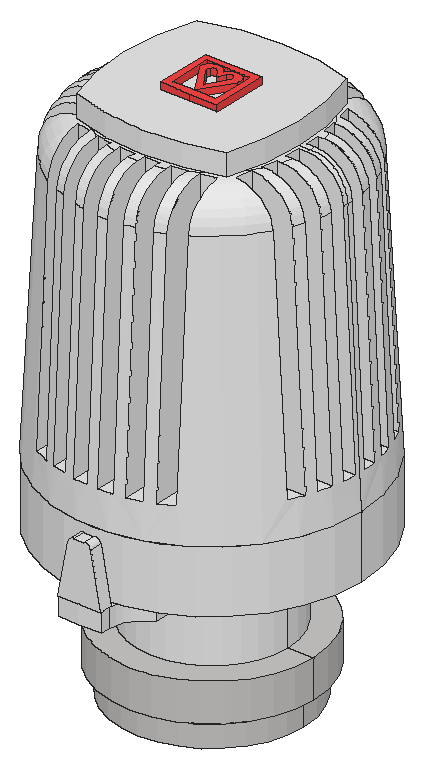
Revit family "HERZ-Thermostatkopf M28x1.5 7260", category Rohrzubehör, Revit 2020
Family settings
  Bemaßung runder Anschluss = Durchmesser verwenden
  Teiletyp = Normal
  OmniClass-Nummer = 23.65.55.14
  OmniClass-Titel = Valves for Liquid Services
  Arbeitsebenenbasiert = Nein
  Immer vertikal = Nein
  Beim Laden mit Abzugskörper schneiden = Nein
  Gemeinsam genutzt = Nein
Parameters
  automatische Frostsicherung = "bei ca. 6°C"  # constant formula
  W02 = 120.00°  # constant formula
  W01 = 135.00°  # constant formula
  Vorgabe-Ansicht = 0.000 mm
  URL = "www.herz-armaturen.at"
  Sollwerbereich = "6 - 28°C"  # constant formula
  S02 = 60.000 mm  # constant formula
  S01 = H02 + H07  # 79.500 mm
  R08 = 15.000 mm  # constant formula
  R07 = 6.000 mm  # constant formula
  R06 = 24.000 mm  # constant formula
  R05 = 16.350 mm  # constant formula
  R04 = 14.750 mm  # constant formula
  R03 = 13.200 mm  # constant formula
  R02 = 12.200 mm  # constant formula
  R01 = 22.400 mm  # constant formula
  Hersteller = "HERZ Armaturen Ges.m.b.H."  # constant formula
  Handrad = "Kunststoff, weiß"  # constant formula
  H09 = 3.500 mm  # constant formula
  H08 = 10.000 mm  # constant formula
  H07 = 59.000 mm  # constant formula
  H06 = 3.500 mm  # constant formula
  H05 = 10.500 mm  # constant formula
  H04 = 11.700 mm  # constant formula
  H03 = 4.500 mm  # constant formula
  H02 = 20.500 mm  # constant formula
  H01 = 45.800 mm  # constant formula
  Funktionsweise = "Der HERZ-Thermostat dient als Fühl- und Regelelement.\r\nDurch die Volumsänderung der Flüssigkeitsfüllung im HERZ-Hydrosensor wird die Schubspindel des Ventils bewegt."
  Bestellnummer = 1726006  # constant formula
  Ausführungen = "Heizkörperthermostat mit Flüssigkeitsfühler (Hydrosensor)\r\nmit automatischer Frostsicherung und Begrenzung ud Blockierung des Sollwertbereiches. Handradfarbe weiß."
  Anwendung = "Zur Montage auf allen HERZ-Ventilen, die für thermostatischen Betrieb eingerichtet sind."
Reference planes
  plane 1 "Mitte (Vorne/hinten)": y = 0
  plane 2: z = 0
  plane 3 "Mitte (Links/rechts)": x = 0
Forms (mm)
  Revolve 1, solid, material "Messing verzinkt", detail levels fine
    sketch origin (0, 0, 0) x (1, 0, 0) y (0, 0, 1)
      loop
        line (0, 4.5) -> (13.2, 4.5) -> (13.2, -3.563) -> (14.75, -3.563) -> (14.75, -0.063) -> (16.35, 0.861) -> (16.35, 6.937) -> (0, 6.937) -> (0, 4.5)
      axis (0, 6.937) -> (0, -3.563)
    angle from 0 to 360
  Revolve 2, solid, material "Kunststoff weiß", detail levels fine
    sketch origin (0, 0, 0) x (1, 0, 0) y (0, 0, 1)
      loop
        line (0, 20.5) -> (24, 20.5) -> (24, 30.5) -> (21.791, 73.806)
        arc (21.791, 73.806) -> (19.931, 77.849) -> (15.798, 79.5) r 6
        line (15.798, 79.5) -> (0, 79.5) -> (0, 20.5)
      axis (0, 79.5) -> (0, 20.5)
    angle from 0 to 360
  Extrusion 3, void
    sketch origin (0, 0, 0) x (1, 0, 0) y (0, 1, 0)
      loop
        line (24.458, 0.8) -> (24.458, 3.2) -> (14.361, 3.2)
        arc (14.361, 3.2) -> (14.446, 2.001) -> (14.491, 0.8) r 37
        line (14.491, 0.8) -> (24.458, 0.8)
      loop
        line (24.458, 4.8) -> (24.458, 7.2) -> (13.793, 7.2)
        arc (13.793, 7.2) -> (14.01, 6.003) -> (14.187, 4.8) r 37
        line (14.187, 4.8) -> (24.458, 4.8)
      loop
        line (24.458, 8.8) -> (24.458, 11.2) -> (12.764, 11.2)
        arc (12.764, 11.2) -> (13.121, 10.006) -> (13.438, 8.8) r 37
        line (13.438, 8.8) -> (24.458, 8.8)
      loop
        line (24.458, -0.8) -> (14.491, -0.8)
        arc (14.491, -0.8) -> (14.446, -2.001) -> (14.361, -3.2) r 37
        line (14.361, -3.2) -> (24.458, -3.2) -> (24.458, -0.8)
      loop
        line (24.458, -4.8) -> (14.187, -4.8)
        arc (14.187, -4.8) -> (14.01, -6.003) -> (13.793, -7.2) r 37
        line (13.793, -7.2) -> (24.458, -7.2) -> (24.458, -4.8)
      loop
        line (24.458, -8.8) -> (13.438, -8.8)
        arc (13.438, -8.8) -> (13.121, -10.006) -> (12.764, -11.2) r 37
        line (12.764, -11.2) -> (24.458, -11.2) -> (24.458, -8.8)
      loop
        line (-24.458, 0.8) -> (-14.491, 0.8)
        arc (-14.491, 0.8) -> (-14.446, 2.001) -> (-14.361, 3.2) r 37
        line (-14.361, 3.2) -> (-24.458, 3.2) -> (-24.458, 0.8)
      loop
        line (-24.458, 4.8) -> (-14.187, 4.8)
        arc (-14.187, 4.8) -> (-14.01, 6.003) -> (-13.793, 7.2) r 37
        line (-13.793, 7.2) -> (-24.458, 7.2) -> (-24.458, 4.8)
      loop
        line (-24.458, 8.8) -> (-13.438, 8.8)
        arc (-13.438, 8.8) -> (-13.121, 10.006) -> (-12.764, 11.2) r 37
        line (-12.764, 11.2) -> (-24.458, 11.2) -> (-24.458, 8.8)
      loop
        line (-24.458, -0.8) -> (-24.458, -3.2) -> (-14.361, -3.2)
        arc (-14.361, -3.2) -> (-14.446, -2.001) -> (-14.491, -0.8) r 37
        line (-14.491, -0.8) -> (-24.458, -0.8)
      loop
        line (-24.458, -4.8) -> (-24.458, -7.2) -> (-13.793, -7.2)
        arc (-13.793, -7.2) -> (-14.01, -6.003) -> (-14.187, -4.8) r 37
        line (-14.187, -4.8) -> (-24.458, -4.8)
      loop
        line (-24.458, -8.8) -> (-24.458, -11.2) -> (-12.764, -11.2)
        arc (-12.764, -11.2) -> (-13.121, -10.006) -> (-13.438, -8.8) r 37
        line (-13.438, -8.8) -> (-24.458, -8.8)
      loop
        line (0.8, 24.458) -> (0.8, 14.491)
        arc (0.8, 14.491) -> (2.001, 14.446) -> (3.2, 14.361) r 37
        line (3.2, 14.361) -> (3.2, 24.458) -> (0.8, 24.458)
      loop
        line (4.8, 24.458) -> (4.8, 14.187)
        arc (4.8, 14.187) -> (6.003, 14.01) -> (7.2, 13.793) r 37
        line (7.2, 13.793) -> (7.2, 24.458) -> (4.8, 24.458)
      loop
        line (8.8, 24.458) -> (8.8, 13.438)
        arc (8.8, 13.438) -> (10.006, 13.121) -> (11.2, 12.764) r 37
        line (11.2, 12.764) -> (11.2, 24.458) -> (8.8, 24.458)
      loop
        line (-0.8, 24.458) -> (-3.2, 24.458) -> (-3.2, 14.361)
        arc (-3.2, 14.361) -> (-2.001, 14.446) -> (-0.8, 14.491) r 37
        line (-0.8, 14.491) -> (-0.8, 24.458)
      loop
        line (-4.8, 24.458) -> (-7.2, 24.458) -> (-7.2, 13.793)
        arc (-7.2, 13.793) -> (-6.003, 14.01) -> (-4.8, 14.187) r 37
        line (-4.8, 14.187) -> (-4.8, 24.458)
      loop
        line (-8.8, 24.458) -> (-11.2, 24.458) -> (-11.2, 12.764)
        arc (-11.2, 12.764) -> (-10.006, 13.121) -> (-8.8, 13.438) r 37
        line (-8.8, 13.438) -> (-8.8, 24.458)
      loop
        line (0.8, -24.458) -> (3.2, -24.458) -> (3.2, -14.361)
        arc (3.2, -14.361) -> (2.001, -14.446) -> (0.8, -14.491) r 37
        line (0.8, -14.491) -> (0.8, -24.458)
      loop
        line (4.8, -24.458) -> (7.2, -24.458) -> (7.2, -13.793)
        arc (7.2, -13.793) -> (6.003, -14.01) -> (4.8, -14.187) r 37
        line (4.8, -14.187) -> (4.8, -24.458)
      loop
        line (8.8, -24.458) -> (11.2, -24.458) -> (11.2, -12.764)
        arc (11.2, -12.764) -> (10.006, -13.121) -> (8.8, -13.438) r 37
        line (8.8, -13.438) -> (8.8, -24.458)
      loop
        line (-0.8, -24.458) -> (-0.8, -14.491)
        arc (-0.8, -14.491) -> (-2.001, -14.446) -> (-3.2, -14.361) r 37
        line (-3.2, -14.361) -> (-3.2, -24.458) -> (-0.8, -24.458)
      loop
        line (-4.8, -24.458) -> (-4.8, -14.187)
        arc (-4.8, -14.187) -> (-6.003, -14.01) -> (-7.2, -13.793) r 37
        line (-7.2, -13.793) -> (-7.2, -24.458) -> (-4.8, -24.458)
      loop
        line (-8.8, -24.458) -> (-8.8, -13.438)
        arc (-8.8, -13.438) -> (-10.006, -13.121) -> (-11.2, -12.764) r 37
        line (-11.2, -12.764) -> (-11.2, -24.458) -> (-8.8, -24.458)
    from 36 to 81.5
  Extrusion 4, solid, material "Kunststoff weiß", detail levels fine
    sketch origin (0, 0, 0) x (1, 0, 0) y (0, 1, 0)
      loop
        arc (12, 12) -> (0, 14) -> (-12, 12) r 37
        arc (-12, 12) -> (-14, 0) -> (-12, -12) r 37
        arc (-12, -12) -> (0, -14) -> (12, -12) r 37
        arc (12, -12) -> (14, 0) -> (12, 12) r 37
    from 79.5 to 83
  Extrusion 5, solid, material "Kunststoff weiß", detail levels fine
    sketch origin (0.017, -0.017, 0) x (0, -1, 0) y (1, 0, 0)
      loop
        line (14.714, 6.983) -> (14.714, -7.017) -> (19.645, -7.017)
        arc (19.645, -7.017) -> (21.761, -4.508) -> (24.882, -3.488) r 6
        line (24.882, -3.488) -> (26.272, -3.488)
        arc (26.272, -3.488) -> (26.5, 0) -> (26.267, 3.488) r 26.5
        line (26.267, 3.488) -> (24.882, 3.488)
        arc (24.882, 3.488) -> (21.777, 4.497) -> (19.66, 6.983) r 6
        line (19.66, 6.983) -> (14.714, 6.983)
    from 17.5 to 20.5
  Extrusion 6, solid, material "Kunststoff weiß", detail levels fine
    sketch origin (0.017, -0.017, 3.5) x (1, 0, 0) y (0, 0, 1)
      loop
        arc (-0.8, 26.1) -> (-1.432, 25.875) -> (-1.779, 25.302) r 1
        line (-1.779, 25.302) -> (-3.488, 17) -> (3.488, 17) -> (1.779, 25.302)
        arc (1.779, 25.302) -> (1.432, 25.875) -> (0.8, 26.1) r 1
        line (0.8, 26.1) -> (-0.8, 26.1)
    from 26.5 to 24.5
  Revolve 7, solid, material "Kunststoff weiß", detail levels fine
    sketch origin (90.543, 0, 0) x (1, 0, 0) y (0, 0, 1)
      loop
        line (-90.543, 0) -> (-77.343, 0) -> (-77.343, 4.5) -> (-78.343, 4.5) -> (-78.343, 20.5) -> (-68.143, 20.5) -> (-68.143, 34.1) -> (-75.543, 34.1) -> (-75.543, 45.8) -> (-90.543, 45.8) -> (-90.543, 0)
      axis (-90.543, 45.8) -> (-90.543, 0)
    angle from 0 to 360
Cuts and joins
  Extrusion 3 cuts Revolve 2
Lines and regions (mm)
  model lines, detail levels coarse+medium
    curve 1: line (0, 0, 0) -> (0, 0, 19.5)
    curve 2: line (0, -0.017, 0) -> (0, 19.5, 0)
    curve 3: circle (0, 0, 49.5) r 30 normal (0, -1, 0)
    curve 4: circle (0, 0, 49.5) r 30 normal (1, 0, 0)
    curve 5: line (0, 0, 29.5) -> (0, 0, 69.5)
    curve 6: line (0, -17.5, 69.5) -> (0, 17.5, 69.5)
    curve 7: line (0, 0, 29.5) -> (0, 0, 69.5)
    curve 8: line (-17.5, 0, 69.5) -> (17.5, 0, 69.5)
    curve 9: circle (0, 49.5, 0) r 30 normal (0, 0, 1)
    curve 10: line (0, 29.5, 0) -> (0, 69.5, 0)
    curve 11: line (-17.5, 69.5, 0) -> (17.5, 69.5, 0)
Dimensions and locks
  "H05": Revolve 1 sketch curve to Revolve 1 sketch curve
  "H06": Revolve 1 sketch curve to Revolve 1 sketch curve
  "H03": Revolve 1 sketch curve to plane 2
  "R04": Revolve 1 sketch curve to plane 3 "Mitte (Links/rechts)"
  "R03": plane 3 "Mitte (Links/rechts)" to Revolve 1 sketch curve
  "R05": Revolve 1 sketch curve to plane 3 "Mitte (Links/rechts)"
  "H08": Revolve 2 sketch curve to Revolve 2 sketch curve
  "R06": Revolve 2 sketch curve to Revolve 2 sketch curve
  "H02": Revolve 2 sketch curve to plane 2
  "H02": Revolve 7 sketch curve to plane 2
  "H03": Revolve 7 sketch curve to Revolve 7 sketch curve
  "H01": Revolve 7 sketch curve to plane 2
  "H04": Revolve 7 sketch curve to Revolve 7 sketch curve
  "R03": Revolve 7 sketch curve to plane 3 "Mitte (Links/rechts)"
  "R02": plane 3 "Mitte (Links/rechts)" to Revolve 7 sketch curve
  "R01": plane 3 "Mitte (Links/rechts)" to Revolve 7 sketch curve
  "R08": plane 3 "Mitte (Links/rechts)" to Revolve 7 sketch curve
  "H07": Revolve 2 sketch curve to Revolve 2 sketch curve
  "S01": curve 4 to plane 2
  "S01": curve 3 to plane 2
  "S01": plane 1 "Mitte (Vorne/hinten)" to curve 9
  "R07": radius of Revolve 2 sketch curve
  "S02": diameter of curve 3
  "S02": diameter of curve 4
  "S02": diameter of curve 9
  "W02": angle Revolve 1 sketch curve to Revolve 1 sketch curve
  aligned and locked: level to plane 2
Automatic sketch dimensions
  plane 1 "Mitte (Vorne/hinten)" to Extrusion 4 sketch curve = 0.000 mm  (x2)
  Extrusion 4 sketch curve to plane 3 "Mitte (Links/rechts)" = 0.000 mm  (x2)
  Extrusion 4 sketch curve to plane 3 "Mitte (Links/rechts)" = 23.000 mm
  plane 3 "Mitte (Links/rechts)" to Extrusion 4 sketch curve = 23.000 mm
  plane 1 "Mitte (Vorne/hinten)" to Extrusion 4 sketch curve = 23.000 mm
  Extrusion 4 sketch curve to plane 1 "Mitte (Vorne/hinten)" = 23.000 mm
  Extrusion 4 sketch curve to plane 3 "Mitte (Links/rechts)" = 12.000 mm  (x2)
  plane 3 "Mitte (Links/rechts)" to Extrusion 4 sketch curve = 12.000 mm
  plane 1 "Mitte (Vorne/hinten)" to Extrusion 4 sketch curve = 12.000 mm
  Extrusion 3 sketch curve to Extrusion 3 sketch curve = 0.000 mm  (x58)
  plane 1 "Mitte (Vorne/hinten)" to Extrusion 3 sketch curve = 0.000 mm  (x2)
  Extrusion 3 sketch curve to plane 3 "Mitte (Links/rechts)" = 0.000 mm  (x2)
  Extrusion 3 sketch curve to plane 3 "Mitte (Links/rechts)" = 0.800 mm  (x2)
  Extrusion 3 sketch curve to Extrusion 3 sketch curve = 2.400 mm  (x12)
  Extrusion 3 sketch curve to Extrusion 3 sketch curve = 1.600 mm  (x16)
  Extrusion 3 sketch curve to Extrusion 3 sketch curve = 1.564 mm  (x8)
  Extrusion 3 sketch curve to Extrusion 3 sketch curve = 0.674 mm  (x5)
  Extrusion 3 sketch curve to Extrusion 3 sketch curve = 0.354 mm  (x8)
  Extrusion 3 sketch curve to Extrusion 3 sketch curve = 0.395 mm  (x4)
  Extrusion 3 sketch curve to Extrusion 3 sketch curve = 0.174 mm  (x8)
  plane 1 "Mitte (Vorne/hinten)" to Extrusion 3 sketch curve = 0.800 mm  (x2)
  Extrusion 3 sketch curve to Extrusion 3 sketch curve = 0.130 mm  (x2)
  Extrusion 3 sketch curve to plane 1 "Mitte (Vorne/hinten)" = 0.800 mm  (x2)
  Extrusion 3 sketch curve to Extrusion 3 sketch curve = 8.009 mm  (x3)
  Extrusion 3 sketch curve to Extrusion 3 sketch curve = 1.958 mm  (x7)
  plane 3 "Mitte (Links/rechts)" to Extrusion 3 sketch curve = 0.800 mm  (x2)
  Extrusion 3 sketch curve to Extrusion 3 sketch curve = 11.019 mm
  Extrusion 5 sketch curve to plane 3 "Mitte (Links/rechts)" = 0.000 mm
  plane 1 "Mitte (Vorne/hinten)" to Extrusion 5 sketch curve = 0.017 mm
  Extrusion 5 sketch curve to plane 3 "Mitte (Links/rechts)" = 7.000 mm
  plane 1 "Mitte (Vorne/hinten)" to Extrusion 5 sketch curve = 14.731 mm
  Extrusion 5 sketch curve to Extrusion 5 sketch curve = 4.930 mm
  Extrusion 5 sketch curve to Extrusion 5 sketch curve = 4.946 mm
  Extrusion 5 sketch curve to plane 3 "Mitte (Links/rechts)" = 3.471 mm
  Extrusion 5 sketch curve to Extrusion 5 sketch curve = 5.237 mm
  Extrusion 5 sketch curve to Extrusion 5 sketch curve = 5.222 mm
  Extrusion 5 sketch curve to Extrusion 5 sketch curve = 5.470 mm
  Extrusion 5 sketch curve to Extrusion 5 sketch curve = 0.233 mm
  Extrusion 5 sketch curve to Extrusion 5 sketch curve = 1.390 mm
  plane 3 "Mitte (Links/rechts)" to Extrusion 5 sketch curve = 3.505 mm
  Extrusion 5 sketch curve to Extrusion 5 sketch curve = 3.495 mm
  Extrusion 5 sketch curve to Extrusion 5 sketch curve = 0.000 mm
  Extrusion 6 sketch curve to plane 3 "Mitte (Links/rechts)" = 3.471 mm
  Extrusion 6 sketch curve to plane 3 "Mitte (Links/rechts)" = 1.763 mm
  Extrusion 6 sketch curve to plane 3 "Mitte (Links/rechts)" = 0.783 mm
  plane 3 "Mitte (Links/rechts)" to Extrusion 6 sketch curve = 0.817 mm
  Extrusion 6 sketch curve to Extrusion 6 sketch curve = 0.979 mm
  plane 3 "Mitte (Links/rechts)" to Extrusion 6 sketch curve = 3.505 mm
  level to Extrusion 6 sketch curve = 20.500 mm
  Extrusion 6 sketch curve to Extrusion 6 sketch curve = 8.100 mm
  Extrusion 6 sketch curve to Extrusion 6 sketch curve = 0.000 mm
  Extrusion 6 sketch curve to Extrusion 6 sketch curve = 0.202 mm
  curve 5 to plane 1 "Mitte (Vorne/hinten)" = 0.000 mm
  curve 4 to plane 1 "Mitte (Vorne/hinten)" = 0.000 mm
  plane 1 "Mitte (Vorne/hinten)" to curve 6 = 17.500 mm
  curve 5 to curve 6 = 17.500 mm
  curve 5 to curve 4 = 20.000 mm
  curve 4 to curve 6 = 20.000 mm
  curve 3 to plane 3 "Mitte (Links/rechts)" = 0.000 mm
  curve 7 to plane 3 "Mitte (Links/rechts)" = 0.000 mm
  curve 1 to plane 3 "Mitte (Links/rechts)" = 0.000 mm
  curve 1 to level = 0.000 mm
  curve 8 to curve 7 = 17.500 mm
  plane 3 "Mitte (Links/rechts)" to curve 8 = 17.500 mm
  curve 1 to curve 7 = 10.000 mm
  curve 3 to curve 8 = 20.000 mm
  curve 9 to plane 3 "Mitte (Links/rechts)" = 0.000 mm
  curve 10 to plane 3 "Mitte (Links/rechts)" = 0.000 mm
  curve 2 to plane 3 "Mitte (Links/rechts)" = 0.000 mm
  curve 11 to curve 10 = 17.500 mm
  plane 3 "Mitte (Links/rechts)" to curve 11 = 17.500 mm
  plane 1 "Mitte (Vorne/hinten)" to curve 2 = 0.017 mm
  curve 2 to curve 10 = 10.000 mm
  curve 9 to curve 11 = 20.000 mm
  Revolve 1 sketch curve to plane 3 "Mitte (Links/rechts)" = 0.000 mm  (x2)
  level to Revolve 1 sketch curve = 0.861 mm
  Revolve 1 sketch curve to Revolve 1 sketch curve = 362.982 mm
  Revolve 1 sketch curve to Revolve 1 sketch curve = 2206.878 mm
  Revolve 2 sketch curve to plane 3 "Mitte (Links/rechts)" = 0.000 mm  (x2)
  plane 3 "Mitte (Links/rechts)" to Revolve 2 sketch curve = 15.798 mm
  Revolve 2 sketch curve to Revolve 2 sketch curve = 5.992 mm
  Revolve 2 sketch curve to level = 366.045 mm
  Revolve 2 sketch curve to Revolve 2 sketch curve = 2138.315 mm
  Revolve 7 sketch curve to level = 0.000 mm  (x2)
  Revolve 7 sketch curve to plane 3 "Mitte (Links/rechts)" = 0.000 mm  (x2)
  Revolve 7 sketch curve to Revolve 7 sketch curve = 0.000 mm
Nested families
  nested 1: "Herz-Logo" at (0, 0, 82.5), type "Herz-Logo", detail levels fine
Definition of nested family "Herz-Logo"
  Parameters (values of type "Herz-Logo")
    Default Elevation = 0.000 mm
  Reference planes
    plane 1 "Mitte (Vorne/hinten)": y = 0
    plane 2: z = 0
    plane 3 "Mitte (Links/rechts)": x = 0
  Forms (mm)
    Extrusion 1, solid
      sketch origin (0, 0, 0) x (1, 0, 0) y (0, 1, 0)
        loop
          line (-0.018, -4.517) -> (4.482, -4.517) -> (4.482, 4.483) -> (-4.518, 4.483) -> (-4.518, -4.517) -> (-0.018, -4.517)
        loop
          line (-0.05, -3.48) -> (3.482, -3.48) -> (3.482, 3.483) -> (-3.518, 3.483) -> (-3.518, -3.48) -> (-0.05, -3.48)
        loop
          arc (-0.018, 2.383) -> (-1.543, 3.287) -> (-3.067, 2.383) r 1.738
          arc (-3.067, 2.383) -> (-3.191, 1.899) -> (-3.067, 1.415) r 1.009
          line (-3.067, 1.415) -> (-0.018, -3.281) -> (3.032, 1.415)
          arc (3.032, 1.415) -> (3.156, 1.899) -> (3.032, 2.383) r 1.009
          arc (3.032, 2.383) -> (1.507, 3.287) -> (-0.018, 2.383) r 1.738
        loop
          arc (1.885, 1.272) -> (2.005, 1.675) -> (1.885, 2.079) r 0.74
          arc (1.885, 2.079) -> (1.265, 2.416) -> (0.644, 2.079) r 0.74
          line (0.644, 2.079) -> (-0.018, 0.97) -> (-0.679, 2.079)
          arc (-0.679, 2.079) -> (-1.3, 2.416) -> (-1.921, 2.079) r 0.74
          arc (-1.921, 2.079) -> (-2.04, 1.675) -> (-1.921, 1.272) r 0.74
          line (-1.921, 1.272) -> (-0.018, -1.658) -> (1.885, 1.272)
      from 0 to 1.5
  Dimensions and locks
    aligned and locked: level to plane 2
